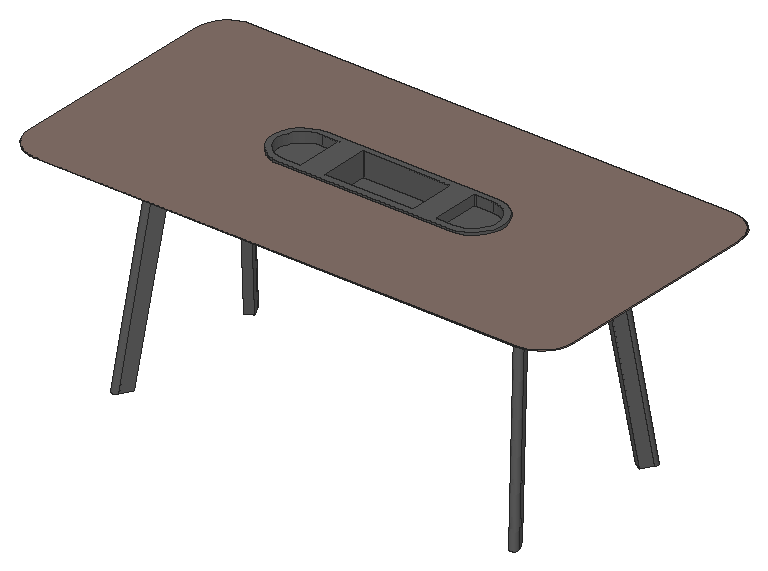
Revit family "Haworth_Immerse_SingleTable_RectangleOnePieceTop_96w", category Furniture Systems, Revit 2018
Family settings
  Round Connector Dimension = Use Diameter
  Part Type = Normal
  OmniClass Number = 23.40.70.14.64.21
  OmniClass Title = Systems Furniture
  Work Plane-Based = No
  Always vertical = Yes
  Cut with Voids When Loaded = No
  Shared = No
  Room Calculation Point = No
Parameters (values of type "48d 96w 39h - Oblong Planter")
  Warranty = "http://www.haworth.com/resources/product-info/warranties"
  Upper Top Thickness = 1 3/16"  # constant formula
  Understucture Thickness = 3 1/2"  # constant formula
  Understructure Overall Width = 57"  # constant formula
  Understructure Finish [instance] = Haworth _ Paint _ Black
  URL - Product = "http://www.haworth.com/products/tables/collaborative/immerse"
  Top Finish [instance] = Haworth _ Wood _ Walnut
  Stretching Width = Actual Width - 36 15/128" - 2 51/64"  # 57 11/128"
  Stretching Depth = (Actual Depth - 28 11/128") / 2  # 9 245/256"
  Standard Widths = "96, 120 in."  # constant formula
  Standard Heights = "29, 36, 39 in."  # constant formula
  Standard Depths = "48, 60 in."  # constant formula
  Size = "Verify Final Dim. w/ Haworth"  # constant formula
  Planter Finish [instance] = Haworth _ Paint _ Black
  Oblong Planter Void Height = if(Oblong Planter, 36", 1")  # 36"
  Oblong Planter = yes
  Model = "THRA-4896"
  URL = "https://www.haworth.com/na/en.html"
  Revision Number = "1"  # constant formula
  Manufacturer = "Haworth"  # constant formula
  Lower Top Width = Actual Width - 2"  # 94"
  Lower Top Thickness = 1/8"  # constant formula
  Lower Top Cutout Width = Understructure Overall Width - 3"  # 54"
  Lower Top Cutout Depth = 12 1/2"  # constant formula
  Leg Finish [instance] = Haworth _ Wood _ Ink On Ash
  Description = "Haworth Immerse Single Table Rectangle One Piece Top - 48d 96w 39h - Oblong Planter"
  Author = "Haworth (Bentzen)"  # constant formula
  Assembly Code = "E2020200"
  Actual Width = 96"  # constant formula
  Actual Height = 39"
  Actual Depth = 48"  # constant formula
Types (3): name | Description | Actual Height
  48d 96w 39h - Oblong Planter | "Haworth Immerse Single Table Rectangle One Piece Top - 48d 96w 39h - Oblong Planter" | 39"
  48d 96w 36h - Oblong Planter | "Haworth Immerse Single Table Rectangle One Piece Top - 48d 96w 36h - Oblong Planter" | 36"
  48d 96w 29h - Oblong Planter | "Haworth Immerse Single Table Rectangle One Piece Top - 48d 96w 29h - Oblong Planter" | 29"
Reference planes (in)
  plane 1 "Floor": z = 0
  plane 2: z = 5.69672
  plane 3: z = 41.69672
  plane 4: z = 39
  plane 5: z = 38.89592
  plane 6: z = 38.07621
  plane 7: x = -66.26441
  plane 8: x = 29.73559
  plane 9: x = -18.26353
  plane 10: x = -64.26617
  plane 11: x = 27.73559
  plane 12: y = 63.42835
  plane 13: y = 86.63539
  plane 14: y = 38.63539
  plane 15: y = 84.63539
  plane 16: y = 40.63539
  plane 17: x = -49.604
  plane 18: x = 12.5505
  plane 19: x = -50.94976
  plane 20: x = 11.20284
  plane 21: y = 71.82796
  plane 22: y = 55.02875
  plane 23: x = -49.604
  plane 24: x = 12.5505
  plane 25: z = 35.32621
  plane 26: x = -49.604
  plane 27: x = 12.5505
Forms (in)
  Extrusion 1, solid, material "Haworth _ Paint _ Black" <- "Understructure Finish"
    sketch origin (-47.92254, -93.73727, 1.06449) x (0, -1, 0) y (0, 0, -1)
      loop
        line (-148.76602, -37.01172) -> (-148.76602, -34.26172) -> (-150.04845, -34.26172) -> (-150.04845, -37.01172) -> (-148.76602, -37.01172)
    from -1.68146 to 60.47304
  Extrusion 2, void
    sketch origin (38.61594, 57.93122, 0) x (-1, 0, 0) y (0, -1, 0)
      loop
        arc (42.06099, -0.57463) -> (37.03925, -5.59637) -> (42.06099, -10.61811) r 5.02174
        line (42.06099, -10.61811) -> (72.08226, -10.61811)
        arc (72.08226, -10.61811) -> (77.104, -5.59637) -> (72.08226, -0.57463) r 5.02174
        line (72.08226, -0.57463) -> (42.06099, -0.57463)
    from 5.69672 to 41.69672
  Extrusion 3, solid, material "Haworth _ Paint _ Black" <- "Understructure Finish"
    sketch origin (-48.2686, -120.2412, 11.98828) x (0, -1, 0) y (0, 0, -1)
      loop
        line (-175.26995, -26.08793) -> (-175.26995, -23.33793) -> (-192.06916, -23.33793) -> (-192.06916, -26.08793) -> (-175.26995, -26.08793)
    from 59.47145 to 60.81911
  Extrusion 4, solid, material "Haworth _ Wood _ Walnut" <- "Top Finish"
    sketch origin (0, 0, 0) x (1, 0, 0) y (0, 1, 0)
      loop
        arc (-60.7193, 86.63539) -> (-64.64028, 85.01126) -> (-66.26441, 81.09027) r 5.54512
        line (-66.26441, 81.09027) -> (-66.26441, 44.1805)
        arc (-66.26441, 44.1805) -> (-64.64028, 40.25951) -> (-60.7193, 38.63539) r 5.54512
        line (-60.7193, 38.63539) -> (24.18871, 38.63539)
        arc (24.18871, 38.63539) -> (28.11095, 40.26003) -> (29.73559, 44.18226) r 5.54688
        line (29.73559, 44.18226) -> (29.73559, 80.63539)
        arc (29.73559, 80.63539) -> (27.97823, 84.87803) -> (23.73559, 86.63539) r 6
        line (23.73559, 86.63539) -> (-60.7193, 86.63539)
    from 38.89592 to 39
  Blend 5, solid, material "Haworth _ Wood _ Walnut" <- "Top Finish"
    base sketch origin (0, 0, 0) x (1, 0, 0) y (0, 1, 0)
      loop
        arc (-60.26617, 84.63539) -> (-63.0946, 83.46381) -> (-64.26617, 80.63539) r 4
        line (-64.26617, 80.63539) -> (-64.26617, 44.63539)
        arc (-64.26617, 44.63539) -> (-63.0946, 41.80696) -> (-60.26617, 40.63539) r 4
        line (-60.26617, 40.63539) -> (23.73559, 40.63539)
        arc (23.73559, 40.63539) -> (26.56402, 41.80696) -> (27.73559, 44.63539) r 4
        line (27.73559, 44.63539) -> (27.73559, 80.63539)
        arc (27.73559, 80.63539) -> (26.56402, 83.46381) -> (23.73559, 84.63539) r 4
        line (23.73559, 84.63539) -> (-60.26617, 84.63539)
    top sketch origin (0, 0, 0) x (1, 0, 0) y (0, 1, 0)
      loop
        arc (-60.7193, 86.63539) -> (-64.64028, 85.01126) -> (-66.26441, 81.09027) r 5.54512
        line (-66.26441, 81.09027) -> (-66.26441, 44.1805)
        arc (-66.26441, 44.1805) -> (-64.64028, 40.25951) -> (-60.7193, 38.63539) r 5.54512
        line (-60.7193, 38.63539) -> (24.18871, 38.63539)
        arc (24.18871, 38.63539) -> (28.11095, 40.26003) -> (29.73559, 44.18226) r 5.54688
        line (29.73559, 44.18226) -> (29.73559, 81.08851)
        arc (29.73559, 81.08851) -> (28.11095, 85.01074) -> (24.18871, 86.63539) r 5.54688
        line (24.18871, 86.63539) -> (-60.7193, 86.63539)
    from 38.07621 to 38.89592
  Blend 6, solid, material "Haworth _ Wood _ Ink On Ash" <- "Leg Finish"
    base sketch origin (51.6877, -384.10767, -1.1049) x (-0.258819, 0.965926, 0) y (-0.965926, -0.258819, 0)
      loop
        line (455.26152, -83.4919) -> (454.16551, -84.58792) -> (455.73863, -86.16104)
        arc (455.73863, -86.16104) -> (456.83464, -86.16104) -> (456.83464, -85.06502) r 0.775
        line (456.83464, -85.06502) -> (455.26152, -83.4919)
    top sketch origin (51.6877, -384.10767, -1.1049) x (-0.258819, 0.965926, 0) y (-0.965926, -0.258819, 0)
      loop
        line (450.67654, -78.90692) -> (449.58053, -80.00294) -> (451.33428, -81.75669)
        arc (451.33428, -81.75669) -> (452.4303, -81.75669) -> (452.4303, -80.66068) r 0.775
        line (452.4303, -80.66068) -> (450.67654, -78.90692)
    from 1.1049 to 39.18111
  Extrusion 7, solid, material "Haworth _ Paint _ Black" <- "Understructure Finish"
    sketch origin (-47.92254, 220.59398, 1.06449) x (0, 1, 0) y (0, 0, 1)
      loop
        line (-148.76602, 37.01172) -> (-150.04845, 37.01172) -> (-150.04845, 34.26172) -> (-148.76602, 34.26172) -> (-148.76602, 37.01172)
    from -1.68146 to 60.47304
  Extrusion 8, solid, material "Haworth _ Paint _ Black" <- "Understructure Finish"
    sketch origin (11.74155, -120.2412, 11.98828) x (0, -1, 0) y (0, 0, 1)
      loop
        line (-175.26995, 26.08793) -> (-192.06916, 26.08793) -> (-192.06916, 23.33793) -> (-175.26995, 23.33793) -> (-175.26995, 26.08793)
    from 61.34555 to 62.69132
  Blend 9, solid, material "Haworth _ Wood _ Ink On Ash" <- "Leg Finish"
    base sketch origin (51.6877, 510.96437, -1.1049) x (-0.258819, -0.965926, 0) y (0.965926, -0.258819, 0)
      loop
        line (455.26152, 83.4919) -> (456.83464, 85.06502)
        arc (456.83464, 85.06502) -> (456.83464, 86.16104) -> (455.73863, 86.16104) r 0.775
        line (455.73863, 86.16104) -> (454.16551, 84.58792) -> (455.26152, 83.4919)
    top sketch origin (51.6877, 510.96437, -1.1049) x (-0.258819, -0.965926, 0) y (0.965926, -0.258819, 0)
      loop
        line (450.67654, 78.90692) -> (452.4303, 80.66068)
        arc (452.4303, 80.66068) -> (452.4303, 81.75669) -> (451.33428, 81.75669) r 0.775
        line (451.33428, 81.75669) -> (449.58053, 80.00294) -> (450.67654, 78.90692)
    from 1.1049 to 39.18111
  Blend 10, solid, material "Haworth _ Wood _ Ink On Ash" <- "Leg Finish"
    base sketch origin (-89.96475, -384.10767, -1.1049) x (0.258819, 0.965926, 0) y (-0.965926, 0.258819, 0)
      loop
        line (455.26152, 83.4919) -> (456.83464, 85.06502)
        arc (456.83464, 85.06502) -> (456.83464, 86.16104) -> (455.73863, 86.16104) r 0.775
        line (455.73863, 86.16104) -> (454.16551, 84.58792) -> (455.26152, 83.4919)
    top sketch origin (-89.96475, -384.10767, -1.1049) x (0.258819, 0.965926, 0) y (-0.965926, 0.258819, 0)
      loop
        line (450.67654, 78.90692) -> (452.4303, 80.66068)
        arc (452.4303, 80.66068) -> (452.4303, 81.75669) -> (451.33428, 81.75669) r 0.775
        line (451.33428, 81.75669) -> (449.58053, 80.00294) -> (450.67654, 78.90692)
    from 1.1049 to 39.18111
  Blend 11, solid, material "Haworth _ Wood _ Ink On Ash" <- "Leg Finish"
    base sketch origin (-89.58975, 511.33937, -1.1049) x (0.258819, -0.965926, 0) y (0.965926, 0.258819, 0)
      loop
        line (455.26152, -83.4919) -> (454.16551, -84.58792) -> (455.73863, -86.16104)
        arc (455.73863, -86.16104) -> (456.83464, -86.16104) -> (456.83464, -85.06502) r 0.775
        line (456.83464, -85.06502) -> (455.26152, -83.4919)
    top sketch origin (-89.58975, 511.33937, -1.1049) x (0.258819, -0.965926, 0) y (0.965926, 0.258819, 0)
      loop
        line (450.67654, -78.90692) -> (449.58053, -80.00294) -> (451.33428, -81.75669)
        arc (451.33428, -81.75669) -> (452.4303, -81.75669) -> (452.4303, -80.66068) r 0.775
        line (452.4303, -80.66068) -> (450.67654, -78.90692)
    from 1.1049 to 39.18111
Cuts and joins
  Extrusion 2 cuts Extrusion 4
  Extrusion 2 cuts Blend 5
Lines and regions (in)
  Masking region 1
    outline origin (-204.57705, 125.58908, 0) x (1, 0, 0) y (0, 1, 0)
      loop
        arc (144.31088, -38.95369) -> (140.06948, -40.71054) -> (138.31264, -44.95193) r 5.99824
        line (138.31264, -44.95193) -> (138.31264, -80.95545)
        arc (138.31264, -80.95545) -> (140.06948, -85.19685) -> (144.31088, -86.95369) r 5.99824
        line (144.31088, -86.95369) -> (228.31264, -86.95369)
        arc (228.31264, -86.95369) -> (232.55528, -85.19633) -> (234.31264, -80.95369) r 6
        line (234.31264, -80.95369) -> (234.31264, -44.95369)
        arc (234.31264, -44.95369) -> (232.55528, -40.71105) -> (228.31264, -38.95369) r 6
        line (228.31264, -38.95369) -> (144.31088, -38.95369)
  symbolic lines, style "Haworth Hidden", detail levels fine
    curve 1: line (10.97009, 55.02875, 0) -> (17.47407, 43.98257, 0)
    curve 2: line (19.20612, 44.98257, 0) -> (12.5505, 56.51044, 0)
    curve 3: arc (17.47407, 43.98257, 0) -> (18.8401, 43.61654, 0) -> (19.20612, 44.98257, 0) r 1
    curve 4: line (19.20612, 81.87414, 0) -> (12.5505, 70.34628, 0)
    curve 5: line (10.97009, 71.82796, 0) -> (17.47407, 82.87414, 0)
    curve 6: arc (17.47407, 82.87414, 0) -> (18.8401, 83.24016, 0) -> (19.20612, 81.87414, 0) r 1
    curve 7: line (10.97009, 71.82796, 0) -> (-49.37361, 71.82796, 0)
    curve 8: line (12.5505, 56.51044, 0) -> (12.5505, 70.34628, 0)
    curve 9: line (-49.604, 70.54553, 0) -> (11.20284, 70.54553, 0)
    curve 10: line (11.20284, 56.31118, 0) -> (-49.604, 56.31118, 0)
    curve 11: line (11.20284, 70.54553, 0) -> (11.20284, 56.31118, 0)
    curve 12: line (-57.48317, 81.87414, 0) -> (-50.94976, 70.55795, 0)
    curve 13: line (-49.37361, 71.82796, 0) -> (-55.75113, 82.87414, 0)
    curve 14: line (-49.21511, 55.02875, 0) -> (-55.37613, 44.35757, 0)
    curve 15: line (-57.10817, 45.35757, 0) -> (-50.94976, 56.02424, 0)
    curve 16: arc (-55.37613, 44.35757, 0) -> (-56.74215, 43.99154, 0) -> (-57.10817, 45.35757, 0) r 1
    curve 17: line (-50.94976, 70.55795, 0) -> (-50.94976, 56.02424, 0)
    curve 18: line (-49.604, 56.31118, 0) -> (-49.604, 70.54553, 0)
    curve 19: arc (-55.75113, 82.87414, 0) -> (-57.11715, 83.24016, 0) -> (-57.48317, 81.87414, 0) r 1
    curve 20: line (-49.49219, 55.02875, 0) -> (10.97009, 55.02875, 0)
Dimensions and locks (in)
  "Oblong Planter Void Height": plane 3 to plane 2
  "Actual Height": plane 4 to plane 1 "Floor"
  locked: plane 13 to plane 15 at 2
  locked: plane 16 to plane 14 at 2
  plane 4 to plane 5 to plane 6 to plane 25 = 0.10408" locked, 0.81971" locked, 2 3/4" locked
  "Actual Depth": plane 13 to plane 14
  "Actual Width": plane 7 to plane 8
  aligned and locked: plane 6 to Extrusion 1
  aligned and locked: Extrusion 2 to plane 3
  aligned and locked: Extrusion 2 to plane 2
  aligned and locked: plane 6 to Extrusion 3
  aligned and locked: plane 9 to nested 1
  aligned and locked: plane 13 to Extrusion 4
  aligned and locked: Extrusion 4 to plane 14
  aligned and locked: plane 7 to Extrusion 4
  aligned and locked: Extrusion 4 to plane 8
  aligned and locked: plane 4 to Extrusion 4
  aligned and locked: Extrusion 4 to plane 5
  aligned and locked: plane 5 to Blend 5
  aligned and locked: Blend 5 to plane 6
  aligned and locked: plane 18 to Extrusion 1
  aligned and locked: plane 12 to nested 1
  aligned and locked: plane 17 to plane 23
  aligned and locked: nested 1 to plane 4
  aligned and locked: plane 18 to plane 24
  aligned and locked: Blend 5 sketch curve to plane 15
  aligned and locked: plane 10 to Blend 5 sketch curve
  aligned and locked: Blend 5 sketch curve to plane 16
  aligned and locked: Blend 5 sketch curve to plane 11
  aligned and locked: Masking region 1 to plane 8
  aligned and locked: Masking region 1 to plane 14
  aligned and locked: plane 7 to Masking region 1
  aligned and locked: plane 13 to Masking region 1
  aligned and locked: Extrusion 1 to plane 25
  aligned and locked: Extrusion 3 to plane 25
  aligned and locked: plane 17 to plane 26
  aligned and locked: plane 6 to Blend 6
  aligned and locked: plane 6 to nested 3
  aligned and locked: plane 6 to Blend 9
  aligned and locked: plane 19 to Extrusion 8
  aligned and locked: Extrusion 8 to plane 17
  aligned and locked: Extrusion 3 to curve 11
  aligned and locked: plane 6 to Blend 11
  aligned and locked: plane 6 to Blend 10
  aligned and locked: nested 5 to plane 6
  aligned and locked: plane 6 to nested 4
  aligned and locked: nested 2 to plane 6
Automatic sketch dimensions
  Extrusion 1 sketch curve to plane 6 = 0"
  Extrusion 1 sketch curve to plane 25 = 0"
  Extrusion 1 sketch curve to plane 22 = 0"
  Extrusion 1 sketch curve to Extrusion 1 sketch curve = 1.28243"
  Extrusion 2 sketch curve to plane 22 = 3.47709"
  Extrusion 2 sketch curve to plane 20 = 14.6479"
  Extrusion 2 sketch curve to plane 9 = 15.2028"
  plane 12 to Extrusion 2 sketch curve = 0.09923"
  plane 6 to Extrusion 3 sketch curve = 0"
  Extrusion 3 sketch curve to plane 21 = 0"
  Extrusion 3 sketch curve to plane 22 = 0"
  Extrusion 3 sketch curve to plane 25 = 0"
  Extrusion 4 sketch curve to plane 7 = 0"
  Extrusion 4 sketch curve to plane 14 = 0"
  Extrusion 4 sketch curve to plane 13 = 0"
  Extrusion 4 sketch curve to plane 8 = 0"
  plane 10 to Extrusion 4 sketch curve = 3 35/64"
  Extrusion 4 sketch curve to plane 15 = 3.54512"
  plane 11 to Extrusion 4 sketch curve = 4"
  plane 11 to Extrusion 4 sketch curve = 3 35/64"
  Blend 5 sketch curve to Blend 5 sketch curve = 4"  (x2)
  plane 10 to Blend 5 sketch curve = 4"
  plane 11 to Blend 5 sketch curve = 4"
  Blend 5 sketch curve to plane 7 = 0"
  Blend 5 sketch curve to plane 14 = 0"
  Blend 5 sketch curve to plane 13 = 0"
  Blend 5 sketch curve to plane 8 = 0"
  plane 10 to Blend 5 sketch curve = 3 35/64"
  Blend 5 sketch curve to plane 15 = 3.54512"
  plane 11 to Blend 5 sketch curve = 3 35/64"  (x2)
  Masking region 1 sketch curve to plane 7 = 0"
  Masking region 1 sketch curve to plane 14 = 0"
  Masking region 1 sketch curve to plane 13 = 0"
  Masking region 1 sketch curve to plane 8 = 0"
  plane 10 to Masking region 1 sketch curve = 4"  (x2)
  plane 11 to Masking region 1 sketch curve = 4"  (x2)
  plane 18 to Blend 6 sketch curve = 3.29617"
  Blend 6 sketch curve to plane 21 = 4.64753"
  Blend 6 sketch curve to Blend 6 sketch curve = 1.09601"
  Blend 6 sketch curve to Blend 6 sketch curve = 1.57312"
  Blend 6 sketch curve to Blend 6 sketch curve = 0.54801"  (x5)
  Blend 6 sketch curve to Blend 6 sketch curve = 0.47711"
  Blend 6 sketch curve to Blend 6 sketch curve = 1.09602"  (x2)
  plane 18 to Blend 6 sketch curve = 0.0541"
  plane 21 to Blend 6 sketch curve = 0.96789"
  Blend 6 sketch curve to Blend 6 sketch curve = 1.75375"
  Blend 6 sketch curve to Blend 6 sketch curve = 0.65774"
  plane 6 to Extrusion 7 sketch curve = 0"
  Extrusion 7 sketch curve to plane 25 = 0"
  Extrusion 7 sketch curve to plane 21 = 0"
  plane 21 to Extrusion 7 sketch curve = 1.28243"
  Extrusion 8 sketch curve to plane 6 = 0"
  Extrusion 8 sketch curve to plane 21 = 0"
  Extrusion 8 sketch curve to plane 22 = 0"
  Extrusion 8 sketch curve to plane 25 = 0"
  plane 18 to Blend 9 sketch curve = 3.29617"
  plane 22 to Blend 9 sketch curve = 4.64753"
  Blend 9 sketch curve to Blend 9 sketch curve = 1.09601"
  Blend 9 sketch curve to Blend 9 sketch curve = 1.57312"  (x2)
  Blend 9 sketch curve to Blend 9 sketch curve = 0.54801"  (x5)
  Blend 9 sketch curve to Blend 9 sketch curve = 1.09602"  (x3)
  plane 18 to Blend 9 sketch curve = 0.0541"
  Blend 9 sketch curve to plane 22 = 0.96789"
  Blend 9 sketch curve to Blend 9 sketch curve = 1.75375"
  plane 19 to Blend 10 sketch curve = 3.17396"
  Blend 10 sketch curve to plane 21 = 4.64753"
  Blend 10 sketch curve to Blend 10 sketch curve = 1.09601"
  Blend 10 sketch curve to Blend 10 sketch curve = 1.57312"  (x2)
  Blend 10 sketch curve to Blend 10 sketch curve = 0.54801"  (x5)
  Blend 10 sketch curve to Blend 10 sketch curve = 1.09602"  (x3)
  Blend 10 sketch curve to plane 19 = 0.06811"
  plane 21 to Blend 10 sketch curve = 0.96789"
  Blend 10 sketch curve to Blend 10 sketch curve = 1.75375"
  plane 19 to Blend 11 sketch curve = 2.79896"
  plane 22 to Blend 11 sketch curve = 4.27253"
  Blend 11 sketch curve to Blend 11 sketch curve = 1.09601"
  Blend 11 sketch curve to Blend 11 sketch curve = 1.57312"
  Blend 11 sketch curve to Blend 11 sketch curve = 0.54801"  (x5)
  Blend 11 sketch curve to Blend 11 sketch curve = 0.47711"
  Blend 11 sketch curve to Blend 11 sketch curve = 1.09602"  (x2)
  Blend 11 sketch curve to plane 22 = 1.34289"
  Blend 11 sketch curve to Blend 11 sketch curve = 1.75375"
  Blend 11 sketch curve to Blend 11 sketch curve = 0.65774"
  Blend 11 sketch curve to plane 19 = 0.44311"
  curve 17 to plane 19 = 0"
  curve 10 to plane 17 = 0"
  plane 21 to curve 13 = 0"
  plane 22 to curve 1 = 0"
  curve 8 to plane 18 = 0"
  plane 19 to curve 14 = 4.42636"
  curve 13 to plane 15 = 1.76125"
  plane 19 to curve 13 = 4.80136"
  curve 16 to curve 16 = 0.86602"
  curve 19 to curve 13 = 0.86602"
  plane 16 to curve 15 = 4.72218"
  curve 15 to curve 16 = 0.86602"
  curve 12 to plane 15 = 2.76124"
  curve 12 to curve 19 = 0.86602"
  curve 13 to plane 17 = 0.23039"
  curve 7 to plane 20 = 0.23276"
  plane 18 to curve 1 = 4.92357"
  curve 5 to plane 15 = 1.76125"
  plane 18 to curve 5 = 4.92357"
  curve 6 to curve 6 = 0.86602"
  curve 3 to curve 3 = 0.86602"
  curve 4 to plane 15 = 2.76124"
  curve 6 to curve 4 = 0.86602"
  plane 16 to curve 2 = 4.34718"
  curve 3 to curve 2 = 0.86602"
  curve 16 to curve 15 = 1/2"
  curve 3 to curve 3 = 1/2"
  curve 15 to plane 22 = 0.99549"
  curve 10 to plane 22 = 1.28243"
  curve 10 to curve 8 = 0.19925"
  plane 21 to curve 8 = 1.48168"
  plane 21 to curve 18 = 1.28243"
  plane 21 to curve 17 = 1.27001"
  curve 20 to plane 17 = 0.11181"
  curve 20 to curve 14 = 0.27708"
  curve 20 to plane 20 = 0.23276"
Nested families (in)
  nested 1: "Haworth_Immerse_Planter_Oblong" at (22.23647, 74.58701, 9.50002), Planter Finish <- "Planter Finish", visible <- "Oblong Planter", type "EHPO"
    with Planter Finish Haworth _ Paint _ Black
  nested 2: "Haworth_Immerse_Support_Part" at (56.79149, 67.97392, 9.8398) x (0.866, -0.5, 0) z (0, 0, 1), Understructure Finish <- "Understructure Finish", type "Support"
    with Understructure Finish Haworth _ Paint _ Black
  nested 3: "Haworth_Immerse_Support_Part" at (56.79149, 58.88279, 9.8398) x (0.866, 0.5, 0) z (0, 0, 1), Understructure Finish <- "Understructure Finish", type "Support"
    with Understructure Finish Haworth _ Paint _ Black
  nested 4: "Haworth_Immerse_Support_Part" at (-95.06855, 67.97392, 9.8398) x (-0.866, -0.5, 0) z (0, 0, 1), Understructure Finish <- "Understructure Finish", type "Support"
    with Understructure Finish Haworth _ Paint _ Black
  nested 5: "Haworth_Immerse_Support_Part" at (-94.69355, 59.25779, 9.8398) x (-0.866, 0.5, 0) z (0, 0, 1), Understructure Finish <- "Understructure Finish", type "Support"
    with Understructure Finish Haworth _ Paint _ Black
Definition of nested family "Haworth_Immerse_Planter_Oblong"
  Parameters
    Warranty = "http://www.haworth.com/product-info/warranties"
    URL - Product = "http://www.haworth.com/products/tables/collaborative/immerse"
    Planter Finish [instance] = none
    Model = "EHPO"
    URL = "http://www.haworth.com/"
    Revision Number = "1"  # constant formula
    Manufacturer = "Haworth"  # constant formula
    Description = "Haworth Immerse Planter Oblong"
    Author = "Haworth (Hampton)"  # constant formula
    Assembly Code = "E2020200"
  Reference planes (in)
    plane 1 "Floor": z = 0
    plane 2 "Center L/R": x = -40.5
    plane 3 "Center": y = -11.15866
    plane 4 "Surface Top": z = 29.49998
    plane 5 "Side Bottom": z = 27.99998
    plane 6: x = -60.875
    plane 7: x = -20.125
    plane 8: y = -5.88828
    plane 9: y = -16.42904
    plane 10 "Center Bottom": z = 25.548
    plane 11 "Planter Top": z = 30.24998
  Forms (in)
    Extrusion 1, solid, material <- "Planter Finish"
      sketch origin (0, 0, 35.87445) x (0, -1, 0) y (1, 0, 0)
        loop
          line (5.88828, -25.4095) -> (5.88828, -55.5905)
          arc (5.88828, -55.5905) -> (11.15866, -60.86088) -> (16.42904, -55.5905) r 5.27038
          line (16.42904, -55.5905) -> (16.42904, -25.4095)
          arc (16.42904, -25.4095) -> (11.15866, -20.13912) -> (5.88828, -25.4095) r 5.27038
      from -6.37446 to -5.93901
    Extrusion 2, solid, material <- "Planter Finish"
      sketch origin (0, 0, 35.87445) x (0, -1, 0) y (1, 0, 0)
        loop
          arc (15.3122, -29.08454) -> (15.75414, -28.90148) -> (15.9372, -28.45954) r 0.625
          line (15.9372, -28.45954) -> (15.9372, -25.41)
          arc (15.9372, -25.41) -> (11.15866, -20.63146) -> (6.38012, -25.41) r 4.77854
          line (6.38012, -25.41) -> (6.38012, -28.45954)
          arc (6.38012, -28.45954) -> (6.56318, -28.90148) -> (7.00512, -29.08454) r 0.625
          line (7.00512, -29.08454) -> (15.3122, -29.08454)
        loop
          line (15.3122, -51.91546) -> (7.00512, -51.91546)
          arc (7.00512, -51.91546) -> (6.56318, -52.09852) -> (6.38012, -52.54046) r 0.625
          line (6.38012, -52.54046) -> (6.38012, -55.59)
          arc (6.38012, -55.59) -> (11.15866, -60.36854) -> (15.9372, -55.59) r 4.77854
          line (15.9372, -55.59) -> (15.9372, -52.54046)
          arc (15.9372, -52.54046) -> (15.75414, -52.09852) -> (15.3122, -51.91546) r 0.625
      from -7.87446 to -6.37446
    Extrusion 3, solid, material <- "Planter Finish"
      sketch origin (0, 0, 35.87445) x (0, -1, 0) y (1, 0, 0)
        loop
          line (15.9372, -48.21154) -> (15.9372, -32.78846)
          arc (15.9372, -32.78846) -> (15.75414, -32.34652) -> (15.3122, -32.16346) r 0.625
          line (15.3122, -32.16346) -> (7.00512, -32.16346)
          arc (7.00512, -32.16346) -> (6.56318, -32.34652) -> (6.38012, -32.78846) r 0.625
          line (6.38012, -32.78846) -> (6.38012, -48.21154)
          arc (6.38012, -48.21154) -> (6.56318, -48.65348) -> (7.00512, -48.83654) r 0.625
          line (7.00512, -48.83654) -> (15.3122, -48.83654)
          arc (15.3122, -48.83654) -> (15.75414, -48.65348) -> (15.9372, -48.21154) r 0.625
      from -10.32645 to -6.37446
    Extrusion 4, void
      sketch origin (0, 0, 35.87445) x (0, -1, 0) y (1, 0, 0)
        loop
          arc (7.00512, -52.41546) -> (6.91673, -52.45207) -> (6.88012, -52.54046) r 0.125
          line (6.88012, -52.54046) -> (6.88012, -55.59)
          arc (6.88012, -55.59) -> (11.15866, -59.86854) -> (15.4372, -55.59) r 4.27854
          line (15.4372, -55.59) -> (15.4372, -52.54046)
          arc (15.4372, -52.54046) -> (15.40059, -52.45207) -> (15.3122, -52.41546) r 0.125
          line (15.3122, -52.41546) -> (7.00512, -52.41546)
        loop
          line (7.00512, -28.58454) -> (15.3122, -28.58454)
          arc (15.3122, -28.58454) -> (15.40059, -28.54793) -> (15.4372, -28.45954) r 0.125
          line (15.4372, -28.45954) -> (15.4372, -25.41)
          arc (15.4372, -25.41) -> (11.15866, -21.13146) -> (6.88012, -25.41) r 4.27854
          line (6.88012, -25.41) -> (6.88012, -28.45954)
          arc (6.88012, -28.45954) -> (6.91673, -28.54793) -> (7.00512, -28.58454) r 0.125
      from -7.67122 to -5.62446
    Extrusion 5, void
      sketch origin (0, 0, 35.87445) x (0, -1, 0) y (1, 0, 0)
        loop
          arc (15.4372, -32.78846) -> (15.40059, -32.70007) -> (15.3122, -32.66346) r 0.125
          line (15.3122, -32.66346) -> (7.00512, -32.66346)
          arc (7.00512, -32.66346) -> (6.91673, -32.70007) -> (6.88012, -32.78846) r 0.125
          line (6.88012, -32.78846) -> (6.88012, -48.21154)
          arc (6.88012, -48.21154) -> (6.91673, -48.29993) -> (7.00512, -48.33654) r 0.125
          line (7.00512, -48.33654) -> (15.3122, -48.33654)
          arc (15.3122, -48.33654) -> (15.40059, -48.29993) -> (15.4372, -48.21154) r 0.125
          line (15.4372, -48.21154) -> (15.4372, -32.78846)
      from -10.07019 to -5.62446
  Cuts and joins
    Extrusion 4, Extrusion 5 cuts Extrusion 1
    Extrusion 4 cuts Extrusion 2
    Extrusion 5 cuts Extrusion 3
    joined: Extrusion 1, Extrusion 2, Extrusion 3
  Lines and regions (in)
    Masking region 1
      outline origin (0, 0, 35.87445) x (0, -1, 0) y (1, 0, 0)
        loop
          arc (5.88828, -55.5905) -> (11.15866, -60.86088) -> (16.42904, -55.5905) r 5.27038
          line (16.42904, -55.5905) -> (16.42904, -25.4095)
          arc (16.42904, -25.4095) -> (11.15866, -20.13912) -> (5.88828, -25.4095) r 5.27038
          line (5.88828, -25.4095) -> (5.88828, -55.5905)
  Dimensions and locks (in)
    aligned and locked: plane 4 "Surface Top" to Extrusion 1
    aligned and locked: Extrusion 2 to plane 5 "Side Bottom"
    aligned and locked: Extrusion 2 to plane 4 "Surface Top"
    aligned and locked: plane 10 "Center Bottom" to Extrusion 3
    aligned and locked: Extrusion 3 to plane 4 "Surface Top"
    aligned and locked: Extrusion 4 to plane 11 "Planter Top"
Definition of nested family "Haworth_Immerse_Support_Part"
  Parameters
    Warranty = "http://www.haworth.com/product-info/warranties"
    Understructure Finish [instance] = none
    URL - Product = "http://www.haworth.com/products/tables/collaborative/immerse"
    Model = ""
    URL = "http://www.haworth.com/"
    Revision Number = "1"  # constant formula
    Manufacturer = "Haworth"  # constant formula
    Description = "Haworth_Immerse_Support_Part"
    Author = "Haworth (Hampton)"  # constant formula
    Assembly Code = "E2020200"
    Actual Width = 138"  # constant formula
    Actual Height = 36 1/4"  # constant formula
    Actual Depth = 60"  # constant formula
  Reference planes (in)
    plane 1 "Floor": z = 0
    plane 2 "Center L/R": x = -40.5
    plane 3 "Table Edge Front": y = -11.15866
    plane 4 "Rect Top": z = 29.49998
    plane 5 "Rect Mid": z = 29.12443
    plane 6 "Rect Bottom": z = 28.31193
    plane 7: x = -40.5
    plane 8: x = -41.5
    plane 9: x = -41.25
    plane 10: x = -39.5
    plane 11: x = -39.75
  Forms (in)
    Extrusion 1, solid, material <- "Understructure Finish"
      sketch origin (0, 0, 35.87445) x (0, -1, 0) y (1, 0, 0)
        loop
          line (-18.38399, -41.5) -> (-6.75474, -41.5)
          arc (-6.75474, -41.5) -> (-5.75474, -40.5) -> (-6.75474, -39.5) r 1
          line (-6.75474, -39.5) -> (-18.38399, -39.5) -> (-18.38399, -41.5)
      from -10.10998 to -7.63804
    Extrusion 2, void
      sketch origin (-37.39844, 0, 0) x (0, 0, 1) y (0, -1, 0)
        loop
          line (25.60768, -18.68942) -> (27.79043, -5.30688) -> (25.54043, -5.30688) -> (25.54043, -18.68942) -> (25.60768, -18.68942)
      from -6.31779 to 0.64844
    Extrusion 3, void
      sketch origin (0, 0, 35.87445) x (0, -1, 0) y (1, 0, 0)
        loop
          line (-18.13399, -39.75) -> (-18.13399, -41.25) -> (-6.75474, -41.25)
          arc (-6.75474, -41.25) -> (-6.00474, -40.5) -> (-6.75474, -39.75) r 0.75
          line (-6.75474, -39.75) -> (-18.13399, -39.75)
      from -11.52859 to -7.87446
  Cuts and joins
    Extrusion 2, Extrusion 3 cuts Extrusion 1
  Dimensions and locks (in)
    Extrusion 3 to plane 2 "Center L/R" = 3/4"
